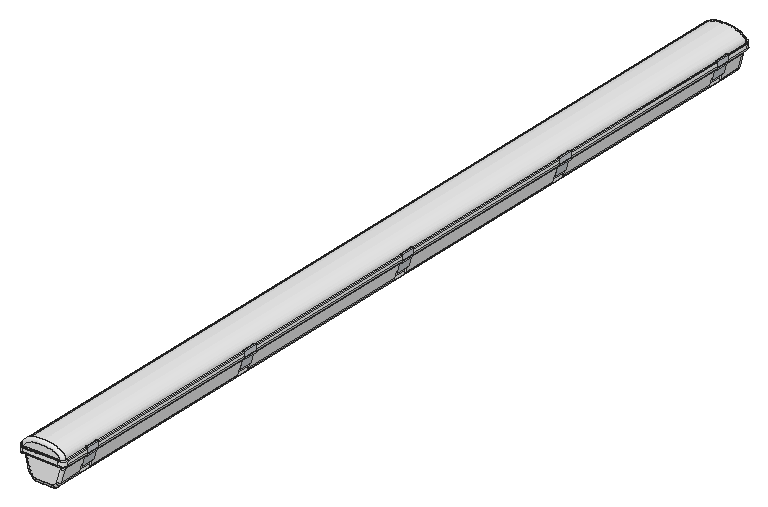
Revit family "0048835 Feilo Sylvania Lighting Fixture HYDROPROOF LED G3 1500MM S 4K QC D MW", category Lighting Fixtures, host Face, Revit 2016
Family settings
  Host = Face
  Part Type = Normal
  Round Connector Dimension = Use Diameter
  OmniClass Number = 23.80.70.11.14
  OmniClass Title = General Luminaries, Directional
  Cut with Voids When Loaded = No
  Light Source = Yes
  Shared = No
  Room Calculation Point = No
Parameters (values of type "0048835 HYDROPROOF LED G3 1500MM S 4K QC D MW")
  Width = 84 mm
  Weight = "2.39 kg"
  Wattage Comments = "n/a"
  Wattage = 32 W
  WarrantyStartDate [instance] = "n/a"
  WarrantyGuarantorParts = "n/a"
  WarrantyDurationUnit = "n/a"
  WarrantyDurationParts = "n/a"
  WarrantyDescription = "n/a"
  built-in parameter 1150110 = 1 (stored number, unit not read)
  Voltage = 230 V
  URL = "http://www.sylvania-lighting.com"
  TypeName = "HYDROPROOF LED G3 1500MM S 4K QC D MW"
  Type Image = <None>
  Type Comments = "n/a"
  built-in parameter 1114217 = 1 (stored number, unit not read)
  Tilt Angle = -90.00°
  built-in parameter 1150109 = 1 (stored number, unit not read)
  built-in parameter 1150134 = 12
  built-in parameter 1150113 = 1 (stored number, unit not read)
  SerialNumber [instance] = "n/a"
  ReflectorMaterial = none
  PowerFactor = 0
  PowerConsumption = "32 W"
  Photometric Web File = "0048835.ies"
  NominalWidth = 0 mm
  NominalLength = 1578 mm
  NominalHeight = 75 mm
  Name = "HYDROPROOF LED G3 1500MM S 4K QC D MW"
  ModelReference = "HYDROPROOF LED G3 1500MM S 4K QC D MW"
  ModelNumber = "0048835"
  Model = "HYDROPROOF LED G3 1500MM S 4K QC D MW"
  Material = "grp housing, pmma diffuser"
  ManufacturerName = "Feilo Sylvania"
  Manufacturer = "Feilo Sylvania"
  LuminousEfficacy = "155 lm/W"
  built-in parameter 1150105 = 394.7 (stored number, unit not read)
  Lumens = 4960 lm
  LuminaireType = ""
  built-in parameter 1150115 = 1 (stored number, unit not read)
  LightOutputRatio = "n/a"
  built-in parameter 1150137 = (empty or 0)
  built-in parameter 1150139 = (empty or 0)
  Length = 1572 mm
  LampsType = Lamp  # "LED"
  LampNominalLuminous = "4950 lm"
  LampMacAdamStep = "3"
  LampColourTemperature = "4000 K"
  LampColourRenderingIndex = "80"
  built-in parameter 1150112 = 1 (stored number, unit not read)
  built-in parameter 1150114 = 1 (stored number, unit not read)
  Lamp = "LED"
  Keynote = "16500"
  InstallationDate [instance] = "n/a"
  InputVoltage = "220-240V~"
  InputNominalFrequency = "DC/50/60 Hz"
  built-in parameter 1150132 = (empty or 0)
  built-in parameter 1150102 = (empty or 0)
  built-in parameter 1150107 = 4000 (stored number, unit not read)
  built-in parameter 1150138 = (empty or 0)
  IngressProtection = "IP65"
  ImpactProtectionIndex = "IK02"
  built-in parameter 1150106 = 3.947 (stored number, unit not read)
  IfcExportType = "IfcLightFixtureType"
  IfcExportAs = "IfcLightFixtureType"
  ExpectedLife = 50000
  Emit from Rectangle Width = Width - 20 mm  # 64 mm
  Emit from Rectangle Length = Length - 20 mm  # 1552 mm
  Emit Shape Visible in Rendering = no
  ElectricShockClassification = "Class I"
  built-in parameter 1150104 = 14.4 (stored number, unit not read)
  DurationUnit = "hours"
  DocumentationLiterature = "http://www.sylvania-lighting.com/product/en-int/products/0048835"
  DimmingControlOptions = "Dimmable"
  Dimming Lamp Color Temperature Shift = <None>
  DiffuserMaterial = Diffuser-Sylvania-Transparent
  Description = "Hydroproof, integrated LED chemical resistant weatherproof luminaire with quick connector, with UV stabilized flat diffuser and linear prisms designed to achieve uniform lit appearance, optimise light output and to reduce glare, stainless steel diffuser clips and fixing brackets for surface and wall mounting. L 1578 mm x W 84 mm x H 75 mm size, GRP housing, PMMA diffuser, DALI dimmable, with MW sensor, 4000K, CRI80,  4950 lm, 32 W, 155 lm/W, nominal average life (h):50000, energy class: A++ A+ A Class I,IK02, IP65."
  Default Elevation = 1219.2 mm
  CreatedOn = "3/27/2018"
  CreatedBy = "aron.fodor@feilosylvania.com"
  Cost = 0
  Color Filter = 16777215
  built-in parameter 1114216 [instance] = (empty or 0)
  ClassificationValue = "EF_70_80"
  ClassificationName = "Uniclass2015"
  BodyMaterial = Body-Sylvania-Gray
  BarCode [instance] = "n/a"
  built-in parameter 1114218 = 1 (stored number, unit not read)
  built-in parameter 1150133 = 10 (stored number, unit not read)
  AssetType = "Fixed"
  AssetIdentifier [instance] = "n/a"
  Assembly Code = "D5020200"
  Apparent Load = 32 VA
  AccessoryMaterial = Diffuser-Sylvania-Glow
Reference planes
  plane 1 "Center (Front/Back)": y = 0
  plane 2: z = 0
  plane 3 "Center (Left/Right)": x = 0
  plane 4: z = 54
  plane 5: x = -14.7
  plane 6: x = -21.8
  plane 7: x = -26.6
  plane 8: x = -29.2
  plane 9: z = 3
  plane 10: z = 7.8
  plane 11: z = 12.3
  plane 12: z = 36.6
  plane 13: z = 42.8
  plane 14: x = -38.1
  plane 15: z = 46.2
  plane 16: x = -42
  plane 17: y = 786
  plane 18: y = -786
  plane 19: x = 14.7
  plane 20: x = 21.8
  plane 21: x = 26.6
  plane 22: x = 29.2
  plane 23: x = 38.1
  plane 24: x = 42
  plane 25: y = 778.4
  plane 26: y = -778.4
  plane 27: y = -774.7
  plane 28: y = 774.7
  plane 29: z = 74
  plane 30: x = -38.5
  plane 31: x = 38.5
  plane 32: z = 55.2
  plane 33: y = -782.5
  plane 34: y = 782.5
  plane 35: x = -24.5
  plane 36: x = 24.5
  plane 37: x = -35.7
  plane 38: x = 35.7
  plane 39: z = 50.2
  plane 40: z = 24.6
  plane 41: y = -720
  plane 42: y = -734
  plane 43: y = -706
  plane 44: y = 720
  plane 45: y = -720
  plane 46: y = -734
  plane 47: y = -706
  plane 48: y = 720
  plane 49: y = 706
  plane 50: y = 734
  plane 51: y = -360
  plane 52: y = -374
  plane 53: y = -346
  plane 54: y = 0
  plane 55: y = -14
  plane 56: y = 14
  plane 57: y = 360
  plane 58: y = 346
  plane 59: y = 374
Forms (mm)
  Sweep 1, solid, material "Body-Sylvania-Gray" <- "BodyMaterial", detail levels medium+fine
    path origin (1223.4, -4572, 54) x (0, -1, 0) y (1, 0, 0)
      loop
        arc (-3796, -1265.4) -> (-3788.929, -1262.471) -> (-3786, -1255.4) r 10
        line (-3786, -1255.4) -> (-3786, -1191.4)
        arc (-3786, -1191.4) -> (-3788.929, -1184.329) -> (-3796, -1181.4) r 10
        line (-3796, -1181.4) -> (-5348, -1181.4)
        arc (-5348, -1181.4) -> (-5355.071, -1184.329) -> (-5358, -1191.4) r 10
        line (-5358, -1191.4) -> (-5358, -1255.4)
        arc (-5358, -1255.4) -> (-5355.071, -1262.471) -> (-5348, -1265.4) r 10
        line (-5348, -1265.4) -> (-3796, -1265.4)
    profile origin (-42, 0, 54) x (-1, 0, 0) y (0, 0, 1)
      loop
        line (0, 0) -> (-1, 0) -> (-1, -7.726)
        arc (-1, -7.726) -> (-1.994, -9.498) -> (-3.9, -10.2) r 2.937
        line (-3.9, -10.2) -> (-8.571, -10.2) -> (-8.571, -11.2) -> (-3.9, -11.2)
        arc (-3.9, -11.2) -> (-1.313, -10.231) -> (0, -7.8) r 3.937
        line (0, -7.8) -> (0, 0)
  Sweep 2, solid, material "Body-Sylvania-Gray" <- "BodyMaterial", detail levels medium+fine
    path origin (0, 0, 0) x (1, 0, 0) y (0, 0, 1)
      loop
        line (35.7, 42.8) -> (35.7, 36.6) -> (29.203, 12.31)
        arc (29.203, 12.31) -> (28.199, 9.884) -> (26.6, 7.8) r 10.052
        line (26.6, 7.8) -> (21.8, 3)
        arc (21.8, 3) -> (18.554, 0.781) -> (14.7, 0) r 9.902
        line (14.7, 0) -> (0, 0) -> (-14.7, 0)
        arc (-14.7, 0) -> (-18.554, 0.781) -> (-21.8, 3) r 9.902
        line (-21.8, 3) -> (-26.6, 7.8)
        arc (-26.6, 7.8) -> (-28.199, 9.884) -> (-29.203, 12.31) r 10.052
        line (-29.203, 12.31) -> (-35.7, 36.6) -> (-35.7, 42.8)
    profile origin (0, 0, 0) x (0, 0, -1) y (0, -1, 0)
      loop
        arc (0, 773.4) -> (-1.464, 776.936) -> (-5, 778.4) r 5
        line (-5, 778.4) -> (-7.8, 778.4) -> (-7.8, -778.4) -> (-5, -778.4)
        arc (-5, -778.4) -> (-1.464, -776.936) -> (0, -773.4) r 5
        line (0, -773.4) -> (0, 773.4)
  Extrusion 3, solid, material "Body-Sylvania-Gray" <- "BodyMaterial", detail levels medium+fine
    sketch origin (1524, 778.4, 1219.2) x (1, 0, 0) y (0, 0, 1)
      loop
        arc (-1545.668, -1204.874) -> (-1545.443, -1205.418) -> (-1545.085, -1205.885) r 2.252
        line (-1545.085, -1205.885) -> (-1540.231, -1210.738)
        arc (-1540.231, -1210.738) -> (-1539.534, -1211.227) -> (-1538.7, -1211.4) r 2.102
        line (-1538.7, -1211.4) -> (-1509.3, -1211.4)
        arc (-1509.3, -1211.4) -> (-1508.466, -1211.227) -> (-1507.769, -1210.738) r 2.102
        line (-1507.769, -1210.738) -> (-1502.915, -1205.885)
        arc (-1502.915, -1205.885) -> (-1502.557, -1205.418) -> (-1502.332, -1204.874) r 2.252
        line (-1502.332, -1204.874) -> (-1496.1, -1181.575) -> (-1496.1, -1176.4) -> (-1551.9, -1176.4) -> (-1551.9, -1181.575) -> (-1545.668, -1204.874)
    from 0 to 1556.8
  Sweep 4, solid, material "Diffuser-Sylvania-Transparent" <- "DiffuserMaterial", detail levels medium+fine
    path origin (0, 0, 0) x (1, 0, 0) y (0, 0, 1)
      loop
        spline (-38.5, 55.2) -> (-37.188, 60.066) -> (-33.342, 64.6) -> (-27.224, 68.494) -> (-19.25, 71.481) -> (-9.965, 73.359) -> (0, 74) -> (9.965, 73.359) -> (19.25, 71.481) -> (27.224, 68.494) -> (33.342, 64.6) -> (37.188, 60.066) -> (38.5, 55.2)
    profile origin (38.5, 0, 55.2) x (0, -1, 0) y (1, 0, 0)
      loop
        arc (782.5, -5.5) -> (780.889, -1.611) -> (777, 0) r 5.5
        line (777, 0) -> (-777, 0)
        arc (-777, 0) -> (-780.889, -1.611) -> (-782.5, -5.5) r 5.5
        line (-782.5, -5.5) -> (-782.5, -6.3) -> (-781.5, -6.3) -> (-781.5, -5.5)
        arc (-781.5, -5.5) -> (-780.182, -2.318) -> (-777, -1) r 4.5
        line (-777, -1) -> (777, -1)
        arc (777, -1) -> (780.182, -2.318) -> (781.5, -5.5) r 4.5
        line (781.5, -5.5) -> (781.5, -6.347) -> (782.5, -6.347) -> (782.5, -5.5)
  Extrusion 5, solid, material "Diffuser-Sylvania-Transparent" <- "DiffuserMaterial", detail levels medium+fine
    sketch origin (1524, -782.5, 1219.2) x (1, 0, 0) y (0, 0, 1)
      loop
        line (-1556.653, -1164) -> (-1491.347, -1164)
        spline (-1491.347, -1164) -> (-1491.939, -1161.945) -> (-1494.434, -1159.066) -> (-1499.342, -1155.96) -> (-1506.338, -1153.35) -> (-1514.799, -1151.648) -> (-1524, -1151.047) -> (-1533.201, -1151.648) -> (-1541.662, -1153.35) -> (-1548.658, -1155.96) -> (-1553.566, -1159.066) -> (-1556.061, -1161.945) -> (-1556.653, -1164)
    from 0 to -1
  Extrusion 6, solid, material "Diffuser-Sylvania-Transparent" <- "DiffuserMaterial", detail levels medium+fine
    sketch origin (1524, 782.5, 1219.2) x (1, 0, 0) y (0, 0, 1)
      loop
        spline (-1491.3, -1164) -> (-1491.898, -1161.922) -> (-1494.404, -1159.03) -> (-1499.322, -1155.918) -> (-1506.325, -1153.305) -> (-1514.793, -1151.602) -> (-1524, -1151) -> (-1533.207, -1151.602) -> (-1541.675, -1153.305) -> (-1548.678, -1155.918) -> (-1553.596, -1159.03) -> (-1556.102, -1161.922) -> (-1556.7, -1164)
        line (-1556.7, -1164) -> (-1491.3, -1164)
    from 0 to 1
  Extrusion 7, solid, material "Diffuser-Sylvania-Glow" <- "AccessoryMaterial", detail levels fine
    sketch origin (0, 0, 0) x (1, 0, 0) y (0, 0, 1)
      loop
        circle (0, 50.2) r 8
    from -774.7 to 774.7
  Extrusion 8, void
    sketch origin (0, -720, 2343.807) x (0, 0, -1) y (-1, 0, 0)
      loop
        line (2340.807, -24.5) -> (2331.507, -24.5) -> (2319.207, -29.2) -> (2319.207, -35.7) -> (2340.807, -35.7) -> (2340.807, -24.5)
      loop
        line (2340.807, 24.5) -> (2340.807, 35.7) -> (2319.207, 35.7) -> (2319.207, 29.2) -> (2331.507, 24.5) -> (2340.807, 24.5)
    from 14 to -14
  Extrusion 9, void, not visible
    sketch origin (0, -720, 2343.807) x (0, 0, -1) y (-1, 0, 0)
      loop
        line (2340.807, -24.5) -> (2331.507, -24.5) -> (2319.207, -29.2) -> (2319.207, -35.7) -> (2340.807, -35.7) -> (2340.807, -24.5)
      loop
        line (2340.807, 24.5) -> (2340.807, 35.7) -> (2319.207, 35.7) -> (2319.207, 29.2) -> (2331.507, 24.5) -> (2340.807, 24.5)
    from 14 to -14
  Extrusion 10, void
    sketch origin (0, 720, 2343.807) x (0, 0, -1) y (-1, 0, 0)
      loop
        line (2340.807, -24.5) -> (2331.507, -24.5) -> (2319.207, -29.2) -> (2319.207, -35.7) -> (2340.807, -35.7) -> (2340.807, -24.5)
      loop
        line (2340.807, 24.5) -> (2340.807, 35.7) -> (2319.207, 35.7) -> (2319.207, 29.2) -> (2331.507, 24.5) -> (2340.807, 24.5)
    from 14 to -14
  Extrusion 11, void
    sketch origin (0, -360, 2343.807) x (0, 0, -1) y (-1, 0, 0)
      loop
        line (2340.807, -24.5) -> (2331.507, -24.5) -> (2319.207, -29.2) -> (2319.207, -35.7) -> (2340.807, -35.7) -> (2340.807, -24.5)
      loop
        line (2340.807, 24.5) -> (2340.807, 35.7) -> (2319.207, 35.7) -> (2319.207, 29.2) -> (2331.507, 24.5) -> (2340.807, 24.5)
    from 14 to -14
  Extrusion 12, void
    sketch origin (0, 0, 2343.807) x (0, 0, -1) y (-1, 0, 0)
      loop
        line (2340.807, -24.5) -> (2331.507, -24.5) -> (2319.207, -29.2) -> (2319.207, -35.7) -> (2340.807, -35.7) -> (2340.807, -24.5)
      loop
        line (2340.807, 24.5) -> (2340.807, 35.7) -> (2319.207, 35.7) -> (2319.207, 29.2) -> (2331.507, 24.5) -> (2340.807, 24.5)
    from 14 to -14
  Extrusion 13, void
    sketch origin (0, 360, 2343.807) x (0, 0, -1) y (-1, 0, 0)
      loop
        line (2340.807, -24.5) -> (2331.507, -24.5) -> (2319.207, -29.2) -> (2319.207, -35.7) -> (2340.807, -35.7) -> (2340.807, -24.5)
      loop
        line (2340.807, 24.5) -> (2340.807, 35.7) -> (2319.207, 35.7) -> (2319.207, 29.2) -> (2331.507, 24.5) -> (2340.807, 24.5)
    from 14 to -14
  Extrusion 14, solid, material "Diffuser-Sylvania-Transparent" <- "DiffuserMaterial", detail levels medium+fine
    sketch origin (1223.4, -4572, 54) x (0, -1, 0) y (-1, 0, 0)
      loop
        arc (-5348, 1265.4) -> (-5355.071, 1262.471) -> (-5358, 1255.4) r 10
        line (-5358, 1255.4) -> (-5358, 1191.4)
        arc (-5358, 1191.4) -> (-5355.071, 1184.329) -> (-5348, 1181.4) r 10
        line (-5348, 1181.4) -> (-3796, 1181.4)
        arc (-3796, 1181.4) -> (-3788.929, 1184.329) -> (-3786, 1191.4) r 10
        line (-3786, 1191.4) -> (-3786, 1255.4)
        arc (-3786, 1255.4) -> (-3788.929, 1262.471) -> (-3796, 1265.4) r 10
        line (-3796, 1265.4) -> (-5348, 1265.4)
      loop
        arc (-5354.5, 1190.394) -> (-5352.887, 1186.509) -> (-5349, 1184.9) r 5.5
        line (-5349, 1184.9) -> (-3795, 1184.9)
        arc (-3795, 1184.9) -> (-3791.113, 1186.509) -> (-3789.5, 1190.394) r 5.5
        line (-3789.5, 1190.394) -> (-3789.5, 1256.406)
        arc (-3789.5, 1256.406) -> (-3791.113, 1260.291) -> (-3795, 1261.9) r 5.5
        line (-3795, 1261.9) -> (-5349, 1261.9)
        arc (-5349, 1261.9) -> (-5352.887, 1260.291) -> (-5354.5, 1256.406) r 5.5
        line (-5354.5, 1256.406) -> (-5354.5, 1190.394)
    from 0 to -1.2
  Extrusion 15, solid, material "Body-Sylvania-Gray" <- "BodyMaterial", detail levels coarse
    sketch origin (0, 0, 0) x (1, 0, 0) y (0, 0, 1)
      loop
        line (-42, 55.2) -> (-42, 42.8) -> (-26.6, 0) -> (26.6, 0) -> (42, 42.8) -> (42, 55.2) -> (-42, 55.2)
    from -786 to 786
  Extrusion 16, solid, material "Diffuser-Sylvania-Transparent" <- "DiffuserMaterial", detail levels coarse
    sketch origin (0, 0, 0) x (1, 0, 0) y (0, 0, 1)
      loop
        line (-38.5, 55.2) -> (38.5, 55.2)
        arc (38.5, 55.2) -> (0, 74) -> (-38.5, 55.2) r 48.822
    from -778.4 to 778.4
Cuts and joins
  Extrusion 8, Extrusion 10, Extrusion 11, Extrusion 12, Extrusion 13 cuts Sweep 2
  Extrusion 8, Extrusion 10, Extrusion 11, Extrusion 12, Extrusion 13 cuts Extrusion 3
  joined: Sweep 2, Extrusion 3
  joined: Sweep 4, Extrusion 5, Extrusion 6, Extrusion 14
Dimensions and locks
  locked: plane 4 to plane 2 at 54
  plane 5 to plane 6 to plane 7 to plane 8 to plane 14 to plane 16 = 7.1 mm locked, 4.8 mm locked, 2.6 mm locked, 8.9 mm locked, 3.9 mm locked
  plane 4 to plane 15 to plane 13 to plane 12 to plane 11 to plane 10 to plane 9 = 7.8 mm locked, 3.4 mm, 6.2 mm locked, 24.3 mm locked, 4.5 mm locked, 4.8 mm locked
  equal spacing: plane 18, plane 1 "Center (Front/Back)", plane 17
  "Length": plane 18 to plane 17
  plane 19 to plane 20 to plane 21 to plane 22 to plane 23 to plane 24 = 7.1 mm locked, 4.8 mm locked, 2.6 mm locked, 8.9 mm, 3.9 mm
  equal spacing: plane 24, plane 3 "Center (Left/Right)", plane 16
  "Width": plane 24 to plane 16
  equal spacing: plane 27, plane 1 "Center (Front/Back)", plane 28
  locked: plane 26 to plane 27 at 3.7
  locked: Sweep 1 sketch curve to profile plane at 1
  locked: Sweep 1 sketch curve to plane 13 at 1
  locked: Sweep 1 sketch curve to plane 13 at 3.937  (x2)
  locked: Sweep 1 sketch curve to profile plane at 3.9  (x2)
  plane 29 to plane 4 = 20 mm
  equal spacing: plane 31, plane 3 "Center (Left/Right)", plane 30
  locked: plane 30 to plane 16 at 3.5
  locked: plane 32 to plane 4 at 1.2
  equal spacing: plane 33, plane 1 "Center (Front/Back)", plane 34
  equal spacing: plane 36, plane 3 "Center (Left/Right)", plane 35
  locked: plane 34 to plane 17 at 3.5
  equal spacing: plane 38, plane 3 "Center (Left/Right)", plane 37
  locked: plane 37 to plane 16 at 6.3
  equal spacing: plane 25, plane 1 "Center (Front/Back)", plane 26
  locked: plane 17 to plane 25 at 7.6
  locked: Sweep 2 sketch curve to plane 2 at 5  (x2)
  locked: Sweep 2 sketch curve to plane 26 at 5
  locked: plane 25 to Sweep 2 sketch curve at 5
  locked: Sweep 4 sketch curve to plane 31 at 5.5  (x2)
  locked: Sweep 4 sketch curve to plane 34 at 5.5
  plane 33 to Sweep 4 sketch curve = 5.5 mm
  locked: plane 34 to Sweep 4 sketch curve at 1
  locked: Sweep 4 sketch curve to plane 31 at 1
  locked: Sweep 4 sketch curve to Sweep 4 sketch curve at 1
  locked: Sweep 4 sketch curve to plane 31 at 6.347
  locked: Sweep 4 sketch curve to plane 31 at 6.3
  locked: plane 40 to plane 2 at 24.6
  locked: plane 6 to plane 35 at 2.7
  locked: plane 1 "Center (Front/Back)" to plane 41 at 720
  plane 43 to plane 41 to plane 42 = 14 mm locked, 14 mm locked
  locked: plane 44 to plane 1 "Center (Front/Back)" at 720
  plane 47 to plane 45 to plane 46 = 14 mm locked, 14 mm locked
  plane 50 to plane 48 to plane 49 = 14 mm locked, 14 mm locked  (x2)
  equal spacing: group 1, group 6, group 7, group 8, group 5  (x3)
  plane 53 to plane 51 to plane 52 = 14 mm locked, 14 mm locked  (x2)
  plane 56 to plane 54 to plane 55 = 14 mm locked, 14 mm locked  (x2)
  plane 59 to plane 57 to plane 58 = 14 mm locked, 14 mm locked  (x2)
  plane 48 to plane 57 to plane 1 "Center (Front/Back)" to plane 51 to plane 41 = 360 mm locked, 360 mm locked, 360 mm locked, 360 mm locked
  aligned and locked: plane 2 to host face
  aligned and locked: level to host face
  aligned and locked: plane 16 to Sweep 1 sketch curve
  aligned and locked: Sweep 1 sketch curve to plane 24
  aligned and locked: plane 18 to Sweep 1 sketch curve
  aligned and locked: Sweep 1 sketch curve to plane 13
  aligned and locked: profile plane to Sweep 1 sketch curve
  aligned and locked: plane 3 "Center (Left/Right)" to Sweep 2 sketch curve
  aligned and locked: plane 9 to Sweep 2 sketch curve
  aligned and locked: plane 10 to Sweep 2 sketch curve
  aligned and locked: plane 37 to Sweep 2 sketch curve
  aligned and locked: plane 12 to Sweep 2 sketch curve
  aligned and locked: Sweep 2 sketch curve to level
  aligned and locked: plane 21 to Sweep 2 sketch curve
  aligned and locked: plane 38 to Sweep 2 sketch curve
  aligned and locked: profile plane to Sweep 2 sketch curve
  aligned and locked: plane 25 to Sweep 2 sketch curve
  aligned and locked: Sweep 2 sketch curve to plane 10
  aligned and locked: Extrusion 3 sketch curve to Sweep 2  (x7)
  aligned and locked: Sweep 2 to Extrusion 3 sketch curve
  aligned and locked: Extrusion 3 to plane 25
  aligned and locked: plane 26 to Extrusion 3
  aligned and locked: plane 32 to Sweep 4 sketch curve
  aligned and locked: plane 33 to Sweep 4 sketch curve
  aligned and locked: Sweep 4 to Extrusion 5
  aligned and locked: plane 33 to Extrusion 5
  aligned and locked: plane 39 to Extrusion 7 sketch curve
  aligned and locked: plane 27 to Extrusion 7
  aligned and locked: Extrusion 7 to plane 28
  aligned and locked: Extrusion 6 sketch curve to Sweep 4
  aligned and locked: Extrusion 5 sketch curve to Sweep 4
  aligned and locked: Extrusion 8 to plane 43
  aligned and locked: plane 42 to Extrusion 8
  aligned and locked: Extrusion 10 to plane 50
  aligned and locked: plane 49 to Extrusion 10
  aligned and locked: Extrusion 11 to plane 53
  aligned and locked: plane 52 to Extrusion 11
  aligned and locked: Extrusion 12 to plane 56
  aligned and locked: plane 55 to Extrusion 12
  aligned and locked: Extrusion 13 to plane 59
  aligned and locked: plane 58 to Extrusion 13
  aligned and locked: plane 3 "Center (Left/Right)" to Extrusion 7 sketch curve
  aligned and locked: Extrusion 14 sketch curve to Sweep 1  (x4)
  aligned and locked: Extrusion 14 to plane 32
  aligned and locked: plane 4 to Extrusion 14
  aligned and locked: plane 48 to nested 1
  aligned and locked: plane 57 to nested 2
  aligned and locked: plane 54 to nested 3
  aligned and locked: nested 4 to plane 51
  aligned and locked: nested 5 to plane 41
  aligned and locked: plane 41 to nested 10
  aligned and locked: plane 51 to nested 9
  aligned and locked: plane 54 to nested 8
  aligned and locked: plane 57 to nested 7
  aligned and locked: plane 48 to nested 6
  aligned and locked: plane 1 "Center (Front/Back)" to imposter light
  aligned and locked: plane 3 "Center (Left/Right)" to imposter light
  aligned and locked: imposter light to plane 29
  aligned and locked: plane 7 to Extrusion 15 sketch curve
  aligned and locked: plane 2 to Extrusion 15 sketch curve
  aligned and locked: Extrusion 15 sketch curve to nested 6
  aligned and locked: Extrusion 15 sketch curve to nested 1
  aligned and locked: plane 18 to Extrusion 15
  aligned and locked: Extrusion 15 to plane 17
  aligned and locked: Extrusion 15 to Sweep 1  (x2)
  aligned and locked: plane 30 to Extrusion 16 sketch curve
  aligned and locked: plane 31 to Extrusion 16 sketch curve
  aligned and locked: Extrusion 16 sketch curve to cut or joined group of Sweep 4, Extrusion 5, Extrusion 6, Extrusion 14
  aligned and locked: Extrusion 16 to plane 25
  aligned and locked: plane 26 to Extrusion 16
Automatic sketch dimensions
  host sketch curve to host sketch curve = 2438.4 mm  (x2)
  plane 17 to Sweep 1 sketch curve = 0 mm
  Sweep 1 sketch curve to plane 28 = 1.3 mm
  Sweep 1 sketch curve to plane 7 = 5.4 mm
  plane 27 to Sweep 1 sketch curve = 1.3 mm  (x2)
  Sweep 1 sketch curve to Sweep 1 sketch curve = 4.671 mm
  Sweep 1 sketch curve to plane 4 = 0 mm
  Sweep 2 sketch curve to plane 7 = 0 mm
  Sweep 2 sketch curve to plane 6 = 0 mm
  Sweep 2 sketch curve to plane 5 = 0 mm
  plane 19 to Sweep 2 sketch curve = 0 mm
  Sweep 2 sketch curve to plane 9 = 0 mm
  plane 20 to Sweep 2 sketch curve = 0 mm
  Sweep 2 sketch curve to plane 12 = 0 mm
  Sweep 2 sketch curve to plane 10 = 0 mm
  Sweep 2 sketch curve to plane 13 = 0 mm  (x2)
  Sweep 2 sketch curve to plane 8 = 0.003 mm
  plane 6 to Sweep 2 sketch curve = 2.308 mm
  plane 20 to Sweep 2 sketch curve = 2.308 mm
  Sweep 2 sketch curve to plane 22 = 0.003 mm
  Sweep 2 sketch curve to plane 11 = 0.01 mm  (x2)
  Extrusion 3 sketch curve to plane 5 = 0 mm
  plane 19 to Extrusion 3 sketch curve = 0 mm
  plane 6 to Extrusion 3 sketch curve = 0.132 mm
  plane 6 to Extrusion 3 sketch curve = 0.715 mm
  Extrusion 3 sketch curve to Extrusion 3 sketch curve = 1.592 mm
  Extrusion 3 sketch curve to plane 10 = 0.662 mm  (x2)
  plane 20 to Extrusion 3 sketch curve = 2.308 mm
  plane 20 to Extrusion 3 sketch curve = 0.715 mm
  plane 20 to Extrusion 3 sketch curve = 0.132 mm
  Sweep 4 sketch curve to plane 30 = 0 mm
  Sweep 4 sketch curve to plane 3 "Center (Left/Right)" = 0 mm
  Sweep 4 sketch curve to Sweep 4 sketch curve = 0 mm  (x2)
  plane 37 to Extrusion 6 sketch curve = 3 mm
  Extrusion 6 sketch curve to plane 38 = 3 mm
  plane 37 to Extrusion 5 sketch curve = 3.047 mm
  Extrusion 5 sketch curve to plane 38 = 3.047 mm
  Extrusion 8 sketch curve to Extrusion 8 sketch curve = 0 mm
  Extrusion 8 sketch curve to Extrusion 8 sketch curve = 12.3 mm  (x2)
  Extrusion 8 sketch curve to Extrusion 8 sketch curve = 9.3 mm  (x2)
  Extrusion 8 sketch curve to Extrusion 8 sketch curve = 6.5 mm  (x2)
  Extrusion 8 sketch curve to Extrusion 8 sketch curve = 4.7 mm  (x2)
  Extrusion 8 sketch curve to Extrusion 8 sketch curve = 49 mm
  Extrusion 9 sketch curve to Extrusion 9 sketch curve = 0 mm
  Extrusion 9 sketch curve to Extrusion 9 sketch curve = 12.3 mm  (x2)
  Extrusion 9 sketch curve to Extrusion 9 sketch curve = 9.3 mm  (x2)
  Extrusion 9 sketch curve to Extrusion 9 sketch curve = 6.5 mm  (x2)
  Extrusion 9 sketch curve to Extrusion 9 sketch curve = 4.7 mm  (x2)
  Extrusion 9 sketch curve to Extrusion 9 sketch curve = 49 mm
  Extrusion 10 sketch curve to Extrusion 10 sketch curve = 0 mm
  Extrusion 10 sketch curve to Extrusion 10 sketch curve = 12.3 mm  (x2)
  Extrusion 10 sketch curve to Extrusion 10 sketch curve = 9.3 mm  (x2)
  Extrusion 10 sketch curve to Extrusion 10 sketch curve = 6.5 mm  (x2)
  Extrusion 10 sketch curve to Extrusion 10 sketch curve = 4.7 mm  (x2)
  Extrusion 10 sketch curve to Extrusion 10 sketch curve = 49 mm
  Extrusion 11 sketch curve to Extrusion 11 sketch curve = 0 mm
  Extrusion 11 sketch curve to Extrusion 11 sketch curve = 12.3 mm  (x2)
  Extrusion 11 sketch curve to Extrusion 11 sketch curve = 9.3 mm  (x2)
  Extrusion 11 sketch curve to Extrusion 11 sketch curve = 6.5 mm  (x2)
  Extrusion 11 sketch curve to Extrusion 11 sketch curve = 4.7 mm  (x2)
  Extrusion 11 sketch curve to Extrusion 11 sketch curve = 49 mm
  Extrusion 12 sketch curve to Extrusion 12 sketch curve = 0 mm
  Extrusion 12 sketch curve to Extrusion 12 sketch curve = 12.3 mm  (x2)
  Extrusion 12 sketch curve to Extrusion 12 sketch curve = 9.3 mm  (x2)
  Extrusion 12 sketch curve to Extrusion 12 sketch curve = 6.5 mm  (x2)
  Extrusion 12 sketch curve to Extrusion 12 sketch curve = 4.7 mm  (x2)
  Extrusion 12 sketch curve to Extrusion 12 sketch curve = 49 mm
  Extrusion 13 sketch curve to Extrusion 13 sketch curve = 0 mm
  Extrusion 13 sketch curve to Extrusion 13 sketch curve = 12.3 mm  (x2)
  Extrusion 13 sketch curve to Extrusion 13 sketch curve = 9.3 mm  (x2)
  Extrusion 13 sketch curve to Extrusion 13 sketch curve = 6.5 mm  (x2)
  Extrusion 13 sketch curve to Extrusion 13 sketch curve = 4.7 mm  (x2)
  Extrusion 13 sketch curve to Extrusion 13 sketch curve = 49 mm
  Extrusion 14 sketch curve to plane 34 = 0 mm
  plane 30 to Extrusion 14 sketch curve = 0 mm
  Extrusion 14 sketch curve to plane 31 = 0 mm
  plane 33 to Extrusion 14 sketch curve = 0 mm
  plane 25 to Extrusion 14 sketch curve = 1.4 mm  (x4)
  Extrusion 14 sketch curve to plane 26 = 1.4 mm  (x4)
  plane 37 to Extrusion 14 sketch curve = 2.694 mm  (x2)
  Extrusion 14 sketch curve to plane 38 = 2.694 mm  (x2)
  plane 21 to Extrusion 15 sketch curve = 0 mm
  Extrusion 15 sketch curve to plane 13 = 0 mm  (x2)
  Extrusion 15 sketch curve to plane 32 = 0 mm
  Extrusion 16 sketch curve to plane 40 = 0.578 mm
  radius of Extrusion 7 sketch curve = 8 mm
Nested families
  nested 1: "Clip" at (-29.2, 720, 24.6) x (-1, 0, 0) z (0, 0, 1), type "Clip", detail levels fine
  nested 2: "Clip" at (-29.2, 360, 24.6) x (-1, 0, 0) z (0, 0, 1), type "Clip", detail levels fine
  nested 3: "Clip" at (-29.2, 0, 24.6) x (-1, 0, 0) z (0, 0, 1), type "Clip", detail levels fine
  nested 4: "Clip" at (-29.2, -360, 24.6) x (-1, 0, 0) z (0, 0, 1), type "Clip", detail levels fine
  nested 5: "Clip" at (-29.2, -720, 24.6) x (-1, 0, 0) z (0, 0, 1), type "Clip", detail levels fine
  nested 6: "Clip" at (29.2, 720, 24.6), type "Clip", detail levels fine
  nested 7: "Clip" at (29.2, 360, 24.6), type "Clip", detail levels fine
  nested 8: "Clip" at (29.2, 0, 24.6), type "Clip", detail levels fine
  nested 9: "Clip" at (29.2, -360, 24.6), type "Clip", detail levels fine
  nested 10: "Clip" at (29.2, -720, 24.6), type "Clip", detail levels fine
Connectors
  electrical at (0, 0, 0), driven by "Apparent Load"
    settings: index 1, voltage 230 V, apparent load 32 VA, apparent load phase1 0 VA, apparent load phase2 0 VA, apparent load phase3 0 VA, power factor 0, load classification "Lighting", number of poles 1, system type 30, power factor state 1, is connector primary yes, connector utility no, sub classification motor no, connector description ""
Definition of nested family "Clip"
  Parameters (values of type "Clip")
    URL = "http://www.feilosylvania.com"
    Type Comments = "n/a"
    Model = "n/a"
    Manufacturer = "Feilo Sylvania"
    Keynote = "n/a"
    Description = "n/a"
    Default Elevation = 1219.2 mm
    Cost = 0
    BodyMaterial = none
    Assembly Code = "n/a"
  Reference planes
    plane 1 "Center (Front/Back)": y = 0
    plane 2: z = 0
    plane 3 "Center (Left/Right)": x = 0
    plane 4: x = 3.3
    plane 5: x = 6.5
    plane 6: x = 8.9
    plane 7: x = 12.8
    plane 8: z = 12
    plane 9: z = 18.2
    plane 10: z = 21.6
    plane 11: z = 30.6
    plane 12: x = 9.3
    plane 13: z = 19.2
    plane 14: z = 16.2
    plane 15: x = 10.1
    plane 16: y = 12
    plane 17: y = -12
  Forms (mm)
    Extrusion 1, solid
      sketch origin (-0.8, 0, 0) x (1, 0, 0) y (0, 1, 0)
        loop
          line (-1219.2, 1219.2) -> (-1219.2, -1219.2) -> (1219.2, -1219.2) -> (1219.2, 1219.2) -> (-1219.2, 1219.2)
      from 0 to -304.8
    Extrusion 2, solid
      sketch origin (0, 0, 0) x (1, 0, 0) y (0, 0, 1)
        loop
          line (8.9, 16.2) -> (4.58, 0) -> (0, 0) -> (0, -0.8) -> (5.195, -0.8) -> (9.603, 15.731) -> (13.6, 18.806) -> (13.6, 30.6)
          arc (13.6, 30.6) -> (11.45, 32.75) -> (9.3, 30.6) r 2.15
          line (9.3, 30.6) -> (10.1, 30.6)
          arc (10.1, 30.6) -> (11.45, 31.95) -> (12.8, 30.6) r 1.35
          line (12.8, 30.6) -> (12.8, 19.2) -> (8.9, 16.2)
      from -12 to 12
  Lines and regions (mm)
    reference lines
      curve 1: line (3.3, 0, 0) -> (6.5, 0, 12)
      curve 2: arc (8.9, 0, 18.2) -> (11.488, 0, 19.169) -> (12.8, 0, 21.6) r 3.934
  Dimensions and locks
    plane 7 to plane 6 to plane 5 to plane 4 to plane 3 "Center (Left/Right)" = 3.9 mm locked, 2.4 mm locked, 3.2 mm locked, 3.3 mm locked
    plane 11 to plane 10 to plane 9 to plane 8 to plane 2 = 9 mm locked, 3.4 mm locked, 6.2 mm locked, 12 mm locked
    locked: plane 7 to plane 12 at 3.5
    locked: plane 13 to plane 9 at 1
    locked: plane 9 to plane 14 at 2
    locked: plane 15 to plane 12 at 0.8
    locked: plane 2 to Extrusion 2 sketch curve at 0.8
    locked: Extrusion 2 sketch curve to Extrusion 2 sketch curve at 0.8  (x3)
    locked: plane 7 to Extrusion 2 sketch curve at 1.35
    equal spacing: plane 17, plane 1 "Center (Front/Back)", plane 16
    locked: plane 1 "Center (Front/Back)" to plane 16 at 12
    aligned and locked: plane 2 to Extrusion 1
    aligned and locked: level to Extrusion 1
    aligned and locked: plane 4 to curve 1
    aligned and locked: plane 5 to curve 1
    aligned and locked: plane 6 to curve 2
    aligned and locked: plane 10 to curve 2
    aligned and locked: plane 14 to Extrusion 2 sketch curve
    aligned and locked: plane 13 to Extrusion 2 sketch curve
    aligned and locked: plane 7 to Extrusion 2 sketch curve
    aligned and locked: plane 3 "Center (Left/Right)" to Extrusion 2 sketch curve
    aligned and locked: Extrusion 2 sketch curve to level
    aligned and locked: Extrusion 2 sketch curve to plane 11
    aligned and locked: plane 11 to Extrusion 2 sketch curve
    aligned and locked: Extrusion 2 to plane 16
    aligned and locked: plane 17 to Extrusion 2
  Automatic sketch dimensions
    Extrusion 1 sketch curve to Extrusion 1 sketch curve = 2438.4 mm  (x2)
    curve 2 to plane 7 = 0 mm
    curve 1 to level = 0 mm
    curve 1 to plane 8 = 0 mm
    curve 2 to plane 9 = 0 mm
    plane 6 to curve 2 = 0.002 mm
    Extrusion 2 sketch curve to Extrusion 2 sketch curve = 0 mm
    Extrusion 2 sketch curve to plane 6 = 0 mm
    plane 4 to Extrusion 2 sketch curve = 1.28 mm
